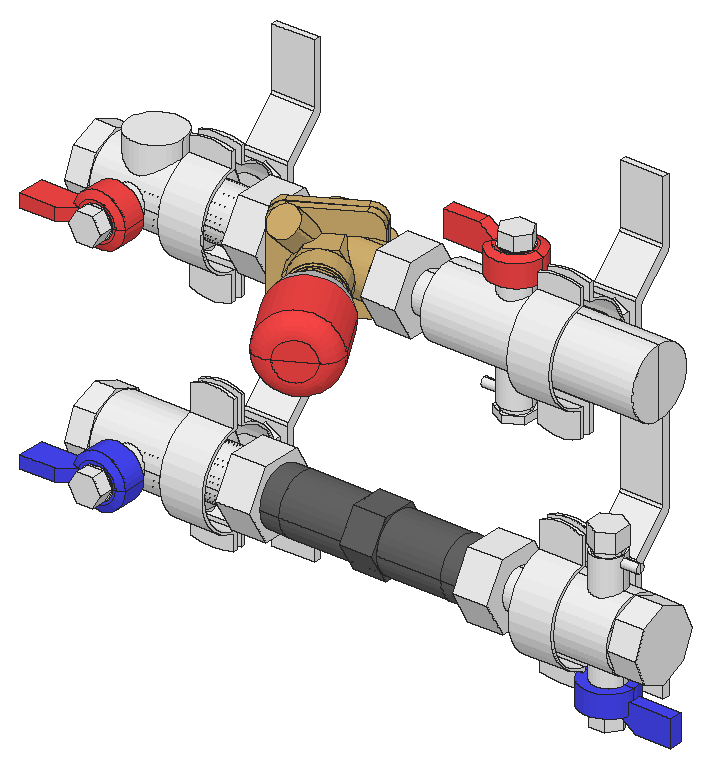
Revit family "AB-PM_DN15-20_Rack Set_RFA_1", category Pipe Accessories, Revit 2019
Family settings
  Round Connector Dimension = Use Diameter
  Part Type = Valve - Breaks Into
  OmniClass Number = 23.65.55.14.17
  OmniClass Title = Adjusting/Controlling Valves for Liquid Services
  Work Plane-Based = No
  Always vertical = No
  Cut with Voids When Loaded = No
  Shared = No
Parameters (values of type "AB-PM_DN15_Rack Set_003Z1490")
  temp = if(ID_01 = B_E, 0 = 1, 0 = 0)  # no
  l2 = 164 mm
  l1 = 57 mm
  h6 = 26 mm
  h5 = 153.529 mm
  h4 = 87.534 mm
  h3 = 66.95 mm
  h2 = 82.43 mm
  h14 = 24.3 mm
  h13 = 30 mm
  h12 = 34 mm
  h11 = 28.521 mm
  h1 = 115.57 mm
  Weight = 2.99 kg
  W = 89.981 mm
  Valve Body Material = Danfoss Brass (DZR)
  URL = "https://store.danfoss.com/en/Climate-Solutions-for-heating/Hydronic-Balancing-and-Control/Differential-Pressure-Control/Differential-Pressure-Controllers/AB-PM/c/11379?q=%3Arelevance%3Adanfoss_producttypehierarchydesc%3A5ca1ec32165693eab7b9a66f5b60ef1fc8cf0755&page=0&pageSize=20"
  T_S = Valve_R_T_Start : DN_15
  T_E = Valve_R_T_End : DN_15
  Stroke = "2.25 mm"  # constant formula
  Pressure Drop [instance] = 0.0 Pa
  Nominal Pressure = "PN 16"  # constant formula
  Nominal Flow (Text) = "300 l/h"
  Nominal Flow = 0.3 m³/h
  Model Type = "AB-PM_DN15_Rack Set"
  Model = "003Z1490"
  Min Medium Temperature = "-10 °C"  # constant formula
  Min Differential Pressure = "18 kPa"
  Max Pressure at Zero Load = "20 kPa"
  Max Medium Temperature = "120 °C"  # constant formula
  Max Differential Pressure = "400 kPa"  # constant formula
  Manufacturer = "Danfoss"  # constant formula
  LOD 350 = not(LOD 200)  # yes
  LOD 200 = no
  L = h4 + h5 + h6  # 267.063 mm
  IfcExportType = "AB-PM"  # constant formula
  IfcExportAs = "IfcValveType"  # constant formula
  ID_01 = Valve_R_B_End : DN_15
  H = 220 mm
  Flow [instance] = 0.0 m³/h
  Description = "Automatic Balancing Valve (Connection set)"  # constant formula
  DN = 20 mm
  D = DN  # 20 mm
  Body Material = Danfoss Nickel Plated Brass
  B_S = Valve_R_B_Start : DN_15
  B_E = Valve_R_B_End : DN_15
  AB-PM = AB-PM_DN10-DN32_External_RFA : AB-PM_DN15_External_003Z1402
Reference planes
  plane 1 "Center (Front/Back)": y = 0
  plane 2: z = 0
  plane 3 "Center (Left/Right)": x = 0
  plane 4 "wall": y = 48
  plane 5: x = 57
  plane 6: x = 221
  plane 7 "bottom_line": z = -110
  plane 8: x = 115.57
  plane 9: x = 198
  plane 10: x = 267.063
  plane 11 "h4": x = 87.534
  plane 12 "h5": x = 241.063
  plane 13: x = 264.95
Lines and regions (mm)
  reference lines
    curve 1: line (0, 0, 0) -> (264.95, 0, 0)
    curve 2: line (0, 0, -110) -> (267.063, 0, -110)
  model lines, detail levels coarse+medium
    curve 3: line (264.95, 0, 0) -> (224, 0, 0)
    curve 5: line (59.979, 0, -110) -> (207.063, 0, -110)
    curve 6: line (237.063, 0, -102.5) -> (237.063, 0, -24.3)
    curve 7: line (113.52, 0, -24.3) -> (237.063, 0, -24.3)
  model lines, visible <- "temp", detail levels coarse+medium
    curve 4: line (241.063, 0, -110) -> (267.063, 0, -110)
Dimensions and locks
  locked: plane 2 to plane 7 "bottom_line" at 110
  locked: plane 4 "wall" to plane 1 "Center (Front/Back)" at 48
  "l1": plane 5 to plane 3 "Center (Left/Right)"
  "l2": plane 6 to plane 5
  "h1": plane 8 to plane 3 "Center (Left/Right)"
  "h2": plane 9 to plane 8
  "h4": plane 11 "h4" to plane 3 "Center (Left/Right)"
  "h5": plane 12 "h5" to plane 11 "h4"
  "h3": plane 13 to plane 9
  "h11": plane 5 to nested 7
  "h11": plane 5 to nested 8
  "h12": plane 12 "h5" to curve 5
  "h13": plane 10 to curve 6
  "h14": plane 2 to curve 7
  "L": plane 10 to plane 3 "Center (Left/Right)"
  "W": nested 7 to plane 4 "wall"
  nested 1 to nested 1 = 220 mm
  aligned and locked: level to plane 2
  aligned and locked: nested 1 to plane 4 "wall"
  aligned and locked: plane 5 to nested 1
  aligned and locked: nested 2 to plane 4 "wall"
  aligned and locked: plane 6 to nested 2
  aligned and locked: plane 7 "bottom_line" to nested 1
  aligned and locked: plane 7 "bottom_line" to nested 2
  aligned and locked: nested 6 to plane 7 "bottom_line"
  aligned and locked: nested 6 to plane 1 "Center (Front/Back)"
  aligned and locked: plane 12 "h5" to nested 3
  aligned and locked: plane 9 to nested 4
  aligned and locked: plane 8 to nested 5
  aligned and locked: plane 3 "Center (Left/Right)" to curve 1
  aligned and locked: plane 3 "Center (Left/Right)" to curve 2
  aligned and locked: plane 10 to curve 2
  aligned and locked: plane 13 to curve 1
  aligned and locked: curve 1 to level
  aligned and locked: curve 2 to plane 7 "bottom_line"
  aligned and locked: nested 7 to plane 1 "Center (Front/Back)"
  aligned and locked: curve 3 to nested 4
  aligned and locked: plane 13 to curve 3
  aligned and locked: nested 4 to curve 3
  aligned and locked: curve 4 to nested 3
  aligned and locked: plane 10 to curve 4
  aligned and locked: nested 8 to curve 5  (x2)
  aligned and locked: curve 7 to nested 5
Automatic sketch dimensions
  curve 4 to plane 7 "bottom_line" = 0 mm
  plane 7 "bottom_line" to curve 6 = 7.5 mm
Nested families
  nested 1: "Fixing bracket" at (57, 48, -165), LOD 200 <- "LOD 200", Material <- "Body Material", type "Fixing bracket"
    with Material Danfoss Nickel Plated Brass, LOD 350 yes, LOD 200 no
  nested 2: "Fixing bracket" at (221, 48, -165), LOD 200 <- "LOD 200", Material <- "Body Material", type "Fixing bracket"
    with Material Danfoss Nickel Plated Brass, LOD 350 yes, LOD 200 no
  nested 3: "Valve_R_B_End" at (241.063, 0, -110) x (1, 0, 0) z (0, 1, 0), type <- "B_E", LOD 200 <- "LOD 200", Ball valve <- "Body Material", type "DN_15"
    with LOD 350 yes, LOD 200 no, Ball valve handle Danfoss Plastic Blue, Ball valve Danfoss Nickel Plated Brass
  nested 4: "Valve_R_T_End" at (198, 0, 0) x (1, 0, 0) z (0, -1, 0), LOD 200 <- "LOD 200", Ball valve <- "Body Material", type <- "T_E", type "DN_15"
    with LOD 350 yes, LOD 200 no, Ball valve handle Danfoss Plastic Red, Ball valve Danfoss Nickel Plated Brass, L11 18.3 mm
  nested 5: "AB-PM_DN10-DN32_External_RFA" at (115.57, 0, 0) x (1, 0, 0) z (0, -1, 0), type <- "AB-PM", LOD 200 <- "LOD 200", type "AB-PM_DN15_External_003Z1402"
    with ang2D 0.00°, Pressure Drop 0.0 Pa, LOD 350 yes, LOD 200 no, Flow 0.0 m³/h
  nested 6: "Replacement piece" at (87.534, 0, -110) x (0, 1, 0) z (1, 0, 0), LOD 200 <- "LOD 200", type "15"
    with LOD 350 yes, LOD 200 no
  nested 7: "Valve_R_T_Start" at (28.479, 0, 0) x (-1, 0, 0) z (0, 0, 1), LOD 200 <- "LOD 200", Ball valve <- "Body Material", type <- "T_S", type "DN_15"
    with LOD 350 yes, LOD 200 no, Ball valve handle Danfoss Plastic Red, Ball valve Danfoss Nickel Plated Brass
  nested 8: "Valve_R_B_Start" at (28.479, 0, -110) x (-1, 0, 0) z (0, 0, 1), LOD 200 <- "LOD 200", Ball valve <- "Body Material", type <- "B_S", type "DN_15"
    with LOD 350 yes, LOD 200 no, Ball valve handle Danfoss Plastic Blue, Ball valve Danfoss Nickel Plated Brass
Connectors
  piping at (0, 0, 0), diameter 20, driven by "Flow", driven by "D"
    settings: on curve 1, index 1, connector inside diameter 609.6 mm, connector length 0 mm, flow factor 0, pipe flow 0.0 m³/h, pressure drop 0.0 Pa, fitting loss kfactor 0, connector angle 0.00°, fixture units 0, engagement length 0 mm, angle of deflection 0.00°, flow configuration 0, flow direction 1, fitting loss method 0, system type 7, joint type 0, gender type 0, connector reference index 2, connector utility 0, adjustable connector no, is connector primary yes, connector description ""
  piping at (264.95, 0, 0), diameter 20, driven by "Flow", driven by "D"
    settings: on curve 1, index 2, connector inside diameter 609.6 mm, connector length 0 mm, flow factor 0, pipe flow 0.0 m³/h, pressure drop 0.0 Pa, fitting loss kfactor 0, connector angle 0.00°, fixture units 0, engagement length 0 mm, angle of deflection 0.00°, flow configuration 0, flow direction 2, fitting loss method 0, system type 7, joint type 0, gender type 0, connector reference index 1, connector utility 0, adjustable connector no, is connector primary no, connector description ""
  piping at (0, 0, -110), diameter 20, driven by "Flow", driven by "D"
    settings: on curve 2, index 3, connector inside diameter 609.6 mm, connector length 0 mm, flow factor 0, pipe flow 0.0 m³/h, pressure drop 0.0 Pa, fitting loss kfactor 0, connector angle 0.00°, fixture units 0, engagement length 0 mm, angle of deflection 0.00°, flow configuration 0, flow direction 2, fitting loss method 0, system type 8, joint type 0, gender type 0, connector reference index 4, connector utility 0, adjustable connector no, is connector primary no, connector description ""
  piping at (267.063, 0, -110), diameter 20, driven by "Flow", driven by "D"
    settings: on curve 2, index 4, connector inside diameter 609.6 mm, connector length 0 mm, flow factor 0, pipe flow 0.0 m³/h, pressure drop 0.0 Pa, fitting loss kfactor 0, connector angle 0.00°, fixture units 0, engagement length 0 mm, angle of deflection 0.00°, flow configuration 0, flow direction 1, fitting loss method 0, system type 8, joint type 0, gender type 0, connector reference index 3, connector utility 0, adjustable connector no, is connector primary no, connector description ""
Definition of nested family "Fixing bracket"
  Parameters (values of type "Fixing bracket")
    Material [instance] = none
    LOD 350 [instance] = not(LOD 200)  # no
    LOD 200 [instance] = yes
    B = 20 mm
  Reference planes
    plane 1 "Center (Front/Back)": y = 0
    plane 2: z = 0
    plane 3 "Center (Left/Right)": x = 0
    plane 4: y = -19
    plane 5: x = -10
    plane 6: x = 10
    plane 7: z = 220
    plane 8: z = 165
    plane 9: z = 55
  Forms (mm)
    Extrusion 1, solid, material <- "Material", detail levels fine
      sketch origin (0, 0, 0) x (0, 1, 0) y (0, 0, 1)
        loop
          arc (-3, 191.828) -> (-3.152, 191.063) -> (-3.586, 190.414) r 2
          line (-3.586, 190.414) -> (-18.414, 175.586)
          arc (-18.414, 175.586) -> (-18.848, 174.937) -> (-19, 174.172) r 2
          line (-19, 174.172) -> (-19, 155.828)
          arc (-19, 155.828) -> (-18.848, 155.063) -> (-18.414, 154.414) r 2
          line (-18.414, 154.414) -> (-3.586, 139.586)
          arc (-3.586, 139.586) -> (-3.152, 138.937) -> (-3, 138.172) r 2
          line (-3, 138.172) -> (-3, 81.828)
          arc (-3, 81.828) -> (-3.152, 81.063) -> (-3.586, 80.414) r 2
          line (-3.586, 80.414) -> (-18.414, 65.586)
          arc (-18.414, 65.586) -> (-18.848, 64.937) -> (-19, 64.172) r 2
          line (-19, 64.172) -> (-19, 45.828)
          arc (-19, 45.828) -> (-18.848, 45.063) -> (-18.414, 44.414) r 2
          line (-18.414, 44.414) -> (-3.586, 29.586)
          arc (-3.586, 29.586) -> (-3.152, 28.937) -> (-3, 28.172) r 2
          line (-3, 28.172) -> (-3, 0) -> (0, 0) -> (0, 31.172)
          arc (0, 31.172) -> (-0.152, 31.937) -> (-0.586, 32.586) r 2
          line (-0.586, 32.586) -> (-15.414, 47.414)
          arc (-15.414, 47.414) -> (-15.832, 48.027) -> (-15.998, 48.75) r 2
          line (-15.998, 48.75) -> (-15.998, 61.25)
          arc (-15.998, 61.25) -> (-15.832, 61.973) -> (-15.414, 62.586) r 2
          line (-15.414, 62.586) -> (-0.586, 77.414)
          arc (-0.586, 77.414) -> (-0.152, 78.063) -> (0, 78.828) r 2
          line (0, 78.828) -> (0, 141.172)
          arc (0, 141.172) -> (-0.152, 141.937) -> (-0.586, 142.586) r 2
          line (-0.586, 142.586) -> (-15.414, 157.414)
          arc (-15.414, 157.414) -> (-15.848, 158.063) -> (-16, 158.828) r 2
          line (-16, 158.828) -> (-16, 171.172)
          arc (-16, 171.172) -> (-15.848, 171.937) -> (-15.414, 172.586) r 2
          line (-15.414, 172.586) -> (-0.586, 187.414)
          arc (-0.586, 187.414) -> (-0.152, 188.063) -> (0, 188.828) r 2
          line (0, 188.828) -> (0, 220) -> (-3, 220) -> (-3, 191.828)
      from -10 to 10
    Extrusion 2, solid, material <- "Material", visible <- "LOD 350", detail levels fine
      sketch origin (0, 0, 0) x (0, 1, 0) y (0, 0, 1)
        loop
          line (-44.5, 77.142) -> (-44.5, 91.805) -> (-46, 91.805) -> (-46, 76.354)
          arc (-46, 76.354) -> (-27, 55) -> (-46, 33.646) r 21.5
          line (-46, 33.646) -> (-46, 23.989) -> (-44.5, 23.989) -> (-44.5, 32.858)
          arc (-44.5, 32.858) -> (-26, 55) -> (-44.5, 77.142) r 22.5
        loop
          arc (-50.5, 77.142) -> (-69, 55) -> (-50.5, 32.858) r 22.5
          line (-50.5, 32.858) -> (-50.5, 23.989) -> (-49, 23.989) -> (-49, 33.646)
          arc (-49, 33.646) -> (-68, 55) -> (-49, 76.354) r 21.5
          line (-49, 76.354) -> (-49, 91.805) -> (-50.5, 91.805) -> (-50.5, 77.142)
      from -10 to 10
    Extrusion 3, solid, material <- "Material", visible <- "LOD 350", detail levels fine
      sketch origin (0, 0, 110) x (0, 1, 0) y (0, 0, 1)
        loop
          line (-44.5, 77.142) -> (-44.5, 86.011) -> (-46, 86.011) -> (-46, 76.354)
          arc (-46, 76.354) -> (-27, 55) -> (-46, 33.646) r 21.5
          line (-46, 33.646) -> (-46, 15.893) -> (-44.5, 15.893) -> (-44.5, 32.858)
          arc (-44.5, 32.858) -> (-26, 55) -> (-44.5, 77.142) r 22.5
        loop
          arc (-51.5, 77.142) -> (-70, 55) -> (-51.5, 32.858) r 22.5
          line (-51.5, 32.858) -> (-51.5, 15.792) -> (-50, 15.792) -> (-50, 33.646)
          arc (-50, 33.646) -> (-69, 55) -> (-50, 76.354) r 21.5
          line (-50, 76.354) -> (-50, 86.011) -> (-51.5, 86.011) -> (-51.5, 77.142)
      from -10 to 10
    Extrusion 4, void
      sketch origin (0, 0, 0) x (1, 0, 0) y (0, 0, 1)
        loop
          line (-10, 220) -> (-10, 194.354)
          arc (-10, 194.354) -> (0, 196.011) -> (10, 194.354) r 31.011
          line (10, 194.354) -> (10, 220) -> (-10, 220)
        loop
          line (-10, 130.717) -> (-10, 89.271)
          arc (-10, 89.271) -> (0, 91.805) -> (10, 89.271) r 21
          line (10, 89.271) -> (10, 130.717)
          arc (10, 130.717) -> (0, 128.183) -> (-10, 130.717) r 21
        loop
          line (-10, 25.374) -> (-10, 0) -> (10, 0) -> (10, 25.374)
          arc (10, 25.374) -> (0, 23.989) -> (-10, 25.374) r 36.805
      from 19 to 73.336
    Extrusion 5, solid, material <- "Material", visible <- "LOD 200", detail levels fine
      sketch origin (0, 0, 0) x (0, 1, 0) y (0, 0, 1)
        loop
          arc (-47.5, 32.522) -> (-26, 55) -> (-47.5, 77.478) r 22.5
          arc (-47.5, 77.478) -> (-69, 55) -> (-47.5, 32.522) r 22.5
        loop
          arc (-48, 142.506) -> (-26, 165) -> (-48, 187.494) r 22.5
          arc (-48, 187.494) -> (-70, 165) -> (-48, 142.506) r 22.5
        loop
          arc (-47.5, 76.477) -> (-68, 55) -> (-47.5, 33.523) r 21.5
          arc (-47.5, 33.523) -> (-27, 55) -> (-47.5, 76.477) r 21.5
        loop
          arc (-48, 186.494) -> (-69, 165) -> (-48, 143.506) r 21.5
          arc (-48, 143.506) -> (-27, 165) -> (-48, 186.494) r 21.5
      from -10 to 10
  Cuts and joins
    Extrusion 4 cuts Extrusion 1
    Extrusion 4 cuts Extrusion 2
    Extrusion 4 cuts Extrusion 3
  Dimensions and locks
    equal spacing: plane 6, plane 3 "Center (Left/Right)", plane 5
    "B": plane 6 to plane 5
    aligned and locked: level to plane 2
    aligned and locked: Extrusion 1 to plane 5
    aligned and locked: plane 6 to Extrusion 1
    aligned and locked: Extrusion 3 to plane 5
    aligned and locked: plane 6 to Extrusion 3
    aligned and locked: Extrusion 2 to plane 5
    aligned and locked: plane 6 to Extrusion 2
    aligned and locked: Extrusion 5 to plane 5
    aligned and locked: plane 6 to Extrusion 5
  Automatic sketch dimensions
    Extrusion 1 sketch curve to plane 4 = 0 mm  (x2)
    Extrusion 1 sketch curve to level = 0 mm
    Extrusion 1 sketch curve to plane 7 = 0 mm
    Extrusion 1 sketch curve to plane 1 "Center (Front/Back)" = 0 mm  (x3)
    plane 4 to Extrusion 1 sketch curve = 0.586 mm  (x4)
    plane 4 to Extrusion 1 sketch curve = 2 mm  (x2)
    Extrusion 1 sketch curve to Extrusion 1 sketch curve = 1.414 mm  (x8)
    plane 4 to Extrusion 1 sketch curve = 3 mm
    plane 4 to Extrusion 1 sketch curve = 3.002 mm
    Extrusion 1 sketch curve to Extrusion 1 sketch curve = 0.584 mm  (x2)
    Extrusion 1 sketch curve to Extrusion 1 sketch curve = 0.586 mm  (x3)
    Extrusion 1 sketch curve to Extrusion 1 sketch curve = 2 mm  (x2)
    plane 1 "Center (Front/Back)" to Extrusion 1 sketch curve = 5 mm  (x4)
    plane 1 "Center (Front/Back)" to Extrusion 1 sketch curve = 3 mm  (x2)
    plane 1 "Center (Front/Back)" to Extrusion 1 sketch curve = 2 mm  (x4)
    plane 1 "Center (Front/Back)" to Extrusion 1 sketch curve = 0.586 mm  (x4)
    level to Extrusion 1 sketch curve = 28.172 mm
    Extrusion 1 sketch curve to Extrusion 1 sketch curve = 1.586 mm  (x8)
    Extrusion 1 sketch curve to Extrusion 1 sketch curve = 14.828 mm  (x4)
    Extrusion 1 sketch curve to Extrusion 1 sketch curve = 1.336 mm
    Extrusion 1 sketch curve to Extrusion 1 sketch curve = 12.343 mm  (x2)
    Extrusion 1 sketch curve to Extrusion 1 sketch curve = 0.078 mm
    Extrusion 1 sketch curve to Extrusion 1 sketch curve = 56.343 mm
    Extrusion 2 sketch curve to Extrusion 2 sketch curve = 0 mm  (x8)
    Extrusion 2 sketch curve to plane 4 = 31.5 mm  (x2)
    Extrusion 2 sketch curve to Extrusion 2 sketch curve = 1.5 mm  (x4)
    Extrusion 2 sketch curve to Extrusion 2 sketch curve = 0.5 mm
    Extrusion 2 sketch curve to Extrusion 2 sketch curve = 2 mm
    Extrusion 2 sketch curve to Extrusion 2 sketch curve = 3 mm  (x2)
    level to Extrusion 2 sketch curve = 23.989 mm
    Extrusion 2 sketch curve to Extrusion 2 sketch curve = 8.869 mm
    Extrusion 2 sketch curve to Extrusion 2 sketch curve = 0.787 mm  (x2)
    Extrusion 2 sketch curve to Extrusion 2 sketch curve = 21.354 mm
    Extrusion 2 sketch curve to Extrusion 2 sketch curve = 14.663 mm
    Extrusion 3 sketch curve to Extrusion 3 sketch curve = 0 mm  (x7)
    Extrusion 3 sketch curve to plane 4 = 32.5 mm  (x2)
    Extrusion 3 sketch curve to Extrusion 3 sketch curve = 1.5 mm  (x5)
    Extrusion 3 sketch curve to Extrusion 3 sketch curve = 1 mm
    Extrusion 3 sketch curve to Extrusion 3 sketch curve = 4 mm  (x2)
    Extrusion 3 sketch curve to plane 7 = 94.107 mm
    Extrusion 3 sketch curve to Extrusion 3 sketch curve = 0.101 mm
    Extrusion 3 sketch curve to Extrusion 3 sketch curve = 17.067 mm
    Extrusion 3 sketch curve to Extrusion 3 sketch curve = 0.787 mm  (x2)
    Extrusion 3 sketch curve to Extrusion 3 sketch curve = 21.354 mm
    Extrusion 3 sketch curve to Extrusion 3 sketch curve = 8.869 mm
    Extrusion 4 sketch curve to plane 5 = 0 mm  (x3)
    Extrusion 4 sketch curve to plane 3 "Center (Left/Right)" = 0 mm  (x2)
    Extrusion 4 sketch curve to plane 6 = 0 mm  (x3)
    plane 9 to Extrusion 4 sketch curve = 5.794 mm
    Extrusion 4 sketch curve to plane 8 = 15.817 mm
    plane 7 to Extrusion 4 sketch curve = 0 mm
    Extrusion 4 sketch curve to Extrusion 4 sketch curve = 0 mm  (x2)
    Extrusion 4 sketch curve to plane 8 = 34.283 mm
    plane 9 to Extrusion 4 sketch curve = 34.271 mm
    Extrusion 4 sketch curve to Extrusion 4 sketch curve = 10.011 mm
    Extrusion 4 sketch curve to plane 9 = 29.626 mm
    Extrusion 4 sketch curve to Extrusion 4 sketch curve = 15.817 mm
    plane 8 to Extrusion 4 sketch curve = 29.354 mm
    Extrusion 4 sketch curve to level = 0 mm
    Extrusion 5 sketch curve to plane 8 = 0 mm  (x2)
    Extrusion 5 sketch curve to plane 9 = 0 mm  (x2)
    Extrusion 5 sketch curve to plane 4 = 29.5 mm  (x2)
    Extrusion 5 sketch curve to Extrusion 5 sketch curve = 2 mm
    Extrusion 5 sketch curve to Extrusion 5 sketch curve = 1 mm  (x2)
    Extrusion 5 sketch curve to Extrusion 5 sketch curve = 0.5 mm  (x2)
    Extrusion 5 sketch curve to plane 9 = 22.478 mm
    Extrusion 5 sketch curve to plane 8 = 22.494 mm
    Extrusion 5 sketch curve to Extrusion 5 sketch curve = 0 mm  (x10)
    Extrusion 5 sketch curve to Extrusion 5 sketch curve = 1.001 mm
  Nested families
    nested 1: "Nut_6" at (0, -16, 165) x (0, 0, 1) z (0, 1, 0), Material <- "Material", type "Nut_6"
      with h 6 mm, a 10 mm, Material none
    nested 2: "Nut_6" at (0, -15.998, 54.961) x (0, 0, -1) z (0, 1, 0), Material <- "Material", type "Nut_6"
      with h 6 mm, a 10 mm, Material none
    nested 3: "Nut_6" at (0, -19, 55) x (0, 0, 1) z (0, -1, 0), Material <- "Material", type "Nut_6"
      with h 9 mm, a 13 mm, Material none
    nested 4: "Nut_6" at (0, -19, 165) x (0, 0, 1) z (0, -1, 0), Material <- "Material", type "Nut_6"
      with h 9 mm, a 13 mm, Material none
  Definition of nested family "Nut_6"
    Parameters (values of type "Nut_6")
      h [instance] = 250 mm
      a [instance] = 50 mm
      Material [instance] = none
      Default Elevation = 1219.2 mm
    Reference planes
      plane 1 "Center (Front/Back)": y = 0
      plane 2: z = 0
      plane 3 "Center (Left/Right)": x = 0
      plane 4: through (-70.437, 122, 1200) normal (0.866, 0.5, 0)
      plane 5: through (70.437, 122, 1200) normal (0.866, -0.5, 0)
      plane 6: through (70.437, 122, 1200) normal (0.866, -0.5, 0)
      plane 7: through (-70.437, 122, 1200) normal (0.866, 0.5, 0)
      plane 8: through (-70.437, 122, 1200) normal (0.866, 0.5, 0)
      plane 9: y = 0
    Forms (mm)
      Extrusion 1, solid, material <- "Material", detail levels fine
        sketch origin (0, 0, 0) x (1, 0, 0) y (0, 1, 0)
          loop
            line (-14.434, 25) -> (-28.868, 0) -> (14.434, -25) -> (28.868, 0) -> (-14.434, 25)
        from 0 to 250 <- "h"
      Extrusion 2, solid, material <- "Material", detail levels fine
        sketch origin (0, 0, 0) x (-1, 0, 0) y (0, -1, 0)
          loop
            line (-14.434, -25) -> (28.868, 0) -> (14.434, 25) -> (-28.868, 0) -> (-14.434, -25)
        from 0 to 250 <- "h"
      Extrusion 3, solid, material <- "Material", detail levels fine
        sketch origin (0, 0, 0) x (-0.5, -0.866025, 0) y (0.866025, -0.5, 0)
          loop
            line (-14.434, -25) -> (28.868, 0) -> (14.434, 25) -> (-28.868, 0) -> (-14.434, -25)
        from 0 to 250 <- "h"
    Cuts and joins
      joined: Extrusion 1, Extrusion 2, Extrusion 3
    Dimensions and locks
      equal spacing: Extrusion 1 sketch curve, plane 5, Extrusion 1 sketch curve
      "a": Extrusion 1 sketch curve to Extrusion 1 sketch curve
      equal spacing: Extrusion 2 sketch curve, plane 7, Extrusion 2 sketch curve
      "a": Extrusion 2 sketch curve to Extrusion 2 sketch curve
      equal spacing: Extrusion 3 sketch curve, plane 9, Extrusion 3 sketch curve
      "a": Extrusion 3 sketch curve to Extrusion 3 sketch curve
      locked: plane 3 "Center (Left/Right)" to plane 4 (angle 30.00°)
      locked: plane 5 to plane 3 "Center (Left/Right)" (angle 30.00°)
      locked: plane 3 "Center (Left/Right)" to plane 8 (angle 30.00°)
      locked: plane 3 "Center (Left/Right)" to plane 7 (angle 30.00°)
      locked: plane 6 to plane 3 "Center (Left/Right)" (angle 30.00°)
      aligned and locked: level to plane 2
      aligned and locked: plane 1 "Center (Front/Back)" to plane 9
    Automatic sketch dimensions
      plane 1 "Center (Front/Back)" to Extrusion 1 sketch curve = 0 mm
      Extrusion 1 sketch curve to plane 4 = 0 mm
      plane 1 "Center (Front/Back)" to Extrusion 2 sketch curve = 0 mm
      Extrusion 2 sketch curve to plane 6 = 0 mm
      plane 8 to Extrusion 3 sketch curve = 0 mm  (x2)
Definition of nested family "Valve_R_B_End"
  Parameters (values of type "DN_15")
    x = 4 mm
    r7 = 9.8 mm
    r6 = 12.5 mm
    r5 = 16.5 mm
    r4 = 9.3 mm
    r3 = 9 mm
    r2 = 12.5 mm
    r1 = 7.5 mm
    l6 = 15 mm
    l5 = 5 mm
    l4 = 12.2 mm
    l3 = 22.981 mm
    l2 = 10.45 mm
    l1 = 32 mm
    Valve_Handle_Type = Valve_Handle_R_B_End : 15
    Tube = no
    Nar5 = 14.5 mm
    Nah6 = 5 mm
    Nah52 = 16.08 mm
    Nah4 = 9 mm
    Nah3 = 6.8 mm
    Nah2 = 13.5 mm
    Nah51 = 2.5 mm
    Na6 = 28 mm
    Na5 = 31.6 mm
    Na4 = 14 mm
    Na3 = 13 mm
    Na2 = 30.488 mm
    LOD 350 [instance] = not(LOD 200)  # yes
    LOD 200 [instance] = no
    L11 = 24.5 mm
    L1 = 60 mm
    H1 = 26.4 mm
    Default Elevation = 1219.2 mm
    D1 = 15 mm  # constant formula
    Ball valve handle [instance] = none
    Ball valve [instance] = none
  Types (2, lengths in mm): name | x | r4 | l6 | l5 | l3 | l2 | l1 | Valve_Handle_Type | Tube | Nar5 | Nah52 | Nah3 | Nah51 | Na6 | Na5 | L11 | L1 | H1
    DN_15 | 4 | 9.3 | 15 | 5 | 22.981 | 10.45 | 32 | Valve_Handle_R_B_End : 15 | no | 14.5 | 16.08 | 6.8 | 2.5 | 28 | 31.6 | 24.5 | 60 | 26.4
    DN_20 | 1.5 | 12.7 | 5 | 14.8 | 23 | 10.5 | 31.8 | Valve_Handle_R_B_End : 20 | yes | 18 | 16.1 | 6 | 3 | 31.7 | 31.7 | 29.4 | 55 | 34.6
  Reference planes
    plane 1 "Center (Front/Back)": y = 0
    plane 2: z = 0
    plane 3 "Center (Left/Right)": x = 0
    plane 4 "001": x = 12.5
    plane 5 "004": x = -42.45
    plane 6 "002": y = -42.3
    plane 7 "valve handle": y = 22.981
    plane 8 "003": y = 35.181
    plane 9 "005": x = -32
    plane 10 "006": x = 12.5
  Forms (mm)
    Revolve 1, solid, material <- "Ball valve", visible <- "LOD 350", detail levels fine
      sketch origin (0, 0, 0) x (1, 0, 0) y (0, 1, 0)
        loop
          line (0, 35.181) -> (0, -33.3) -> (6.5, -33.3) -> (6.5, -31.3) -> (7.5, -31.3) -> (7.5, 35.181) -> (0, 35.181)
        axis (0, -33.3) -> (0, 35.181)
      angle from 0 to 360
    Revolve 2, solid, material <- "Ball valve", visible <- "LOD 200", detail levels fine
      sketch origin (0, 0, 0) x (1, 0, 0) y (0, 1, 0)
        loop
          line (-42.45, 9.3) -> (-42.45, 0) -> (12.5, 0) -> (12.5, 16.5) -> (-32, 16.5) -> (-32, 9.3) -> (-42.45, 9.3)
        axis (-42.45, 0) -> (12.5, 0)
      angle from 0 to 360
    Revolve 3, solid, material <- "Ball valve", visible <- "LOD 200", detail levels fine
      sketch origin (0, 0, 0) x (1, 0, 0) y (0, 1, 0)
        loop
          line (0, -42.3) -> (7.5, -42.3) -> (7.5, 35.181) -> (0, 35.181) -> (0, -42.3)
        axis (0, 35.181) -> (0, -42.3)
      angle from 0 to 360
    Revolve 4, solid, material <- "Ball valve", visible <- "LOD 350", detail levels fine
      sketch origin (0, 0, 0) x (1, 0, 0) y (0, 1, 0)
        loop
          line (12.5, 16.5) -> (-32, 16.5) -> (-33.8, 9.3) -> (-42.45, 9.3) -> (-42.45, 0) -> (12.5, 0) -> (12.5, 16.5)
        axis (12.5, 0) -> (-42.45, 0)
      angle from 0 to 360
    Revolve 5, solid, material <- "Ball valve", visible <- "LOD 350", detail levels fine
      sketch origin (0, 0, 0) x (1, 0, 0) y (0, 1, 0)
        loop
          line (15, -28.302) -> (15, -26.3) -> (0, -26.3) -> (0, -28.302) -> (15, -28.302)
        axis (0, -28.302) -> (15, -28.302)
      angle from 0 to 360
    Revolve 6, solid, material <- "Ball valve", visible <- "LOD 350", detail levels fine
      sketch origin (0, 0, 0) x (-1, 0, 0) y (0, 1, 0)
        loop
          line (5, -28.302) -> (5, -26.3) -> (0, -26.3) -> (0, -28.302) -> (5, -28.302)
        axis (0, -28.302) -> (5, -28.302)
      angle from 0 to 360
    Revolve 7, solid, material <- "Ball valve", visible <- "Tube", detail levels fine
      sketch origin (0, 0, 0) x (1, 0, 0) y (0, 1, 0)
        loop
          line (46, 0) -> (46, 16.5) -> (26, 16.5) -> (26, 0) -> (46, 0)
        axis (26, 0) -> (46, 0)
      angle from 0 to 360
  Cuts and joins
    joined: Revolve 1, Revolve 4, Revolve 5, Revolve 6
    joined: Revolve 2, Revolve 3
  Dimensions and locks
    "r1": plane 3 "Center (Left/Right)" to Revolve 1 sketch curve
    "l3": plane 1 "Center (Front/Back)" to plane 7 "valve handle"
    locked: plane 6 "002" to Revolve 1 sketch curve at 9
    locked: Revolve 1 sketch curve to Revolve 1 sketch curve at 1
    "l4": plane 7 "valve handle" to plane 8 "003"
    "r5": plane 1 "Center (Front/Back)" to Revolve 2 sketch curve
    "r4": plane 1 "Center (Front/Back)" to Revolve 2 sketch curve
    "r2": plane 3 "Center (Left/Right)" to plane 4 "001"
    "l1": plane 9 "005" to plane 3 "Center (Left/Right)"
    "r5": plane 1 "Center (Front/Back)" to Revolve 4 sketch curve
    "r4": Revolve 4 sketch curve to plane 1 "Center (Front/Back)"
    "l2": plane 5 "004" to plane 9 "005"
    "r6": plane 3 "Center (Left/Right)" to plane 10 "006"
    "r1": plane 3 "Center (Left/Right)" to Revolve 3 sketch curve
    "l6": plane 3 "Center (Left/Right)" to Revolve 5 sketch curve
    plane 6 "002" to Revolve 5 sketch curve to Revolve 5 sketch curve = 13.998 mm, 2.002 mm locked
    "x": nested 5 to plane 3 "Center (Left/Right)"
    locked: Revolve 4 sketch curve to plane 9 "005" at 1.8
    plane 6 "002" to plane 1 "Center (Front/Back)" = 42.3 mm
    locked: Revolve 1 sketch curve to Revolve 1 sketch curve at 2
    locked: Revolve 6 sketch curve to Revolve 6 sketch curve at 2.002
    locked: plane 6 "002" to Revolve 6 sketch curve at 13.998  (x2)
    "l5": Revolve 6 sketch curve to plane 3 "Center (Left/Right)"
    plane 3 "Center (Left/Right)" to Revolve 7 sketch curve to Revolve 7 sketch curve = 26 mm locked, 20 mm locked
    locked: plane 1 "Center (Front/Back)" to Revolve 7 sketch curve at 16.5
    aligned and locked: level to plane 2
    aligned and locked: level to nested 1
    aligned and locked: nested 1 to plane 1 "Center (Front/Back)"
    aligned and locked: plane 3 "Center (Left/Right)" to nested 3
    aligned and locked: level to nested 3
    aligned and locked: plane 6 "002" to nested 2
    aligned and locked: Revolve 3 sketch curve to plane 3 "Center (Left/Right)"  (x2)
    aligned and locked: plane 6 "002" to Revolve 3 sketch curve
    aligned and locked: Revolve 3 sketch curve to plane 8 "003"
    aligned and locked: Revolve 4 sketch curve to plane 1 "Center (Front/Back)"
    aligned and locked: plane 1 "Center (Front/Back)" to Revolve 4 sketch curve
    aligned and locked: Revolve 4 sketch curve to plane 4 "001"
    aligned and locked: plane 5 "004" to Revolve 4 sketch curve
    aligned and locked: plane 3 "Center (Left/Right)" to Revolve 5 sketch curve
    aligned and locked: plane 1 "Center (Front/Back)" to nested 5
    aligned and locked: nested 4 to plane 5 "004"
    aligned and locked: plane 1 "Center (Front/Back)" to nested 4
    aligned and locked: plane 9 "005" to Revolve 4 sketch curve
    aligned and locked: plane 3 "Center (Left/Right)" to nested 2
    aligned and locked: plane 3 "Center (Left/Right)" to nested 6
    aligned and locked: nested 6 to plane 7 "valve handle"
    aligned and locked: plane 1 "Center (Front/Back)" to Revolve 7 sketch curve
    aligned and locked: Revolve 7 sketch curve to plane 1 "Center (Front/Back)"
  Automatic sketch dimensions
    Revolve 7 sketch curve to Revolve 7 sketch curve = 11.5 mm
    Revolve 7 sketch curve to Revolve 7 sketch curve = 5 mm
    Revolve 1 sketch curve to plane 3 "Center (Left/Right)" = 0 mm  (x2)
    plane 8 "003" to Revolve 1 sketch curve = 0 mm
    Revolve 1 sketch curve to plane 8 "003" = 37.3 mm
    Revolve 1 sketch curve to Revolve 1 sketch curve = 9 mm
    Revolve 2 sketch curve to plane 5 "004" = 0 mm
    Revolve 2 sketch curve to plane 9 "005" = 0 mm
    Revolve 2 sketch curve to plane 4 "001" = 0 mm
    plane 1 "Center (Front/Back)" to Revolve 2 sketch curve = 0 mm  (x2)
    Revolve 2 sketch curve to plane 4 "001" = 49.8 mm
    Revolve 2 sketch curve to Revolve 2 sketch curve = 7 mm
    Revolve 3 sketch curve to plane 8 "003" = 33 mm
    Revolve 3 sketch curve to Revolve 3 sketch curve = 6 mm
    Revolve 4 sketch curve to plane 4 "001" = 63.8 mm
    Revolve 4 sketch curve to Revolve 4 sketch curve = 6 mm
    Revolve 5 sketch curve to Revolve 5 sketch curve = 0 mm  (x2)
    Revolve 5 sketch curve to Revolve 5 sketch curve = 3.5 mm
    Revolve 6 sketch curve to plane 3 "Center (Left/Right)" = 0 mm
    Revolve 6 sketch curve to Revolve 6 sketch curve = 0.2 mm
    Revolve 6 sketch curve to Revolve 6 sketch curve = 3.5 mm
  Nested families
    nested 1: "Nut_8" at (12.5, 0, 0) x (0, 0, 1) z (1, 0, 0), h <- "Nah2", a <- "Na2", Material <- "Ball valve", type "Nut_8", detail levels fine
      with h 13.5 mm, a 30.488 mm, Material none
    nested 2: "Nut_6" at (0, -42.3, 0) x (0, 0, -1) z (0, 1, 0), h <- "Nah4", a <- "Na4", visible <- "LOD 350", Material <- "Ball valve", type "Nut_6", detail levels fine
      with h 9 mm, a 14 mm, Material none
    nested 3: "Nut_6" at (0, 35.181, 0) x (1, 0, 0) z (0, 1, 0), h <- "Nah3", a <- "Na3", Material <- "Ball valve", type "Nut_6", detail levels fine
      with h 6.8 mm, a 13 mm, Material none
    nested 4: "Nut_6" at (-42.45, 0, 0) x (0, 0, 1) z (-1, 0, 0), h <- "Nah52", a <- "Na5", Material <- "Ball valve", type "Nut_6", detail levels fine
      with h 16.08 mm, a 31.6 mm, Material none
    nested 5: "Schematic_Valve" at (-4, 0, 0), D <- "D1", H <- "H1", L <- "L1", L1 <- "L11", type "Schematic_Valve"
      with L1 24.5 mm, L 60 mm, H 26.4 mm, D 15 mm
    nested 6: "Valve_Handle_R_B_End" at (0, 22.981, 0) x (-1, 0, 0) z (0, 1, 0), Material <- "Ball valve handle", type <- "Valve_Handle_Type", LOD 200 <- "LOD 200", type "15"
      with Material none, LOD 350 yes, LOD 200 no, 25_350 no, 25_200 no, 20_350 no, 20_200 no, 15_350 yes, 15_200 no
  Definition of nested family "Nut_8"
    Parameters (values of type "Nut_8")
      h [instance] = 250 mm
      a [instance] = 244 mm
      Material [instance] = none
      Default Elevation = 1219.2 mm
    Reference planes
      plane 1 "Center (Front/Back)": y = 0
      plane 2: z = 0
      plane 3 "Center (Left/Right)": x = 0
      plane 4: through (-89.449, 215.949, 1200) normal (0.9239, 0.3827, 0)
      plane 5: through (215.949, 89.449, 1200) normal (0.3827, -0.9239, 0)
      plane 6: through (-215.949, 89.449, 1200) normal (0.3827, 0.9239, 0)
      plane 7: through (89.449, 215.949, 1200) normal (0.9239, -0.3827, 0)
    Forms (mm)
      Extrusion 1, solid, material <- "Material"
        sketch origin (0, 0, 0) x (1, 0, 0) y (0, 1, 0)
          loop
            line (0, 132.052) -> (-93.375, 93.375) -> (-132.052, 0) -> (-93.375, -93.375) -> (0, -132.052) -> (93.375, -93.375) -> (132.052, 0) -> (93.375, 93.375) -> (0, 132.052)
        from 0 to 250 <- "h"
    Dimensions and locks
      equal spacing: Extrusion 1 sketch curve, plane 4, Extrusion 1 sketch curve
      "a": Extrusion 1 sketch curve to Extrusion 1 sketch curve  (x4)
      equal spacing: Extrusion 1 sketch curve, plane 7, Extrusion 1 sketch curve
      equal spacing: Extrusion 1 sketch curve, plane 5, Extrusion 1 sketch curve
      equal spacing: Extrusion 1 sketch curve, plane 6, Extrusion 1 sketch curve
      aligned and locked: level to plane 2
  Definition of nested family "Nut_6"
    Parameters (values of type "Nut_6")
      h [instance] = 250 mm
      a [instance] = 13 mm
      Material [instance] = none
      Default Elevation = 1219.2 mm
    Reference planes
      plane 1 "Center (Front/Back)": y = 0
      plane 2: z = 0
      plane 3 "Center (Left/Right)": x = 0
      plane 4: through (-70.437, 122, 1200) normal (0.866, 0.5, 0)
      plane 5: through (70.437, 122, 1200) normal (0.866, -0.5, 0)
    Forms (mm)
      Extrusion 1, solid, material <- "Material"
        sketch origin (0, 0, 0) x (1, 0, 0) y (0, 1, 0)
          loop
            line (-3.753, 6.5) -> (-7.506, 0) -> (-3.753, -6.5) -> (3.753, -6.5) -> (7.506, 0) -> (3.753, 6.5) -> (-3.753, 6.5)
        from 0 to 250 <- "h"
    Dimensions and locks
      equal spacing: Extrusion 1 sketch curve, plane 4, Extrusion 1 sketch curve
      "a": Extrusion 1 sketch curve to Extrusion 1 sketch curve  (x3)
      equal spacing: Extrusion 1 sketch curve, plane 5, Extrusion 1 sketch curve
      equal spacing: Extrusion 1 sketch curve, plane 1 "Center (Front/Back)", Extrusion 1 sketch curve
      aligned and locked: level to plane 2
  Definition of nested family "Valve_Handle_R_B_End"
    Parameters (values of type "20")
      type = 20
      l1 = 12.3 mm
      h1 = 12.2 mm
      Material [instance] = none
      LOD 350 [instance] = not(LOD 200)  # yes
      LOD 200 [instance] = no
      Default Elevation = 1219.2 mm
      25_350 [instance] = and(LOD 350, type = 25)  # no
      25_200 [instance] = and(LOD 200, type = 25)  # no
      20_350 [instance] = and(LOD 350, type = 20)  # yes
      20_200 [instance] = and(LOD 200, type = 20)  # no
      15_350 [instance] = and(LOD 350, type = 15)  # no
      15_200 [instance] = and(LOD 200, type = 15)  # no
    Types (2, lengths in mm): name | type | 20_350 | 15_350
      15 | 15 | no | yes
      20 | 20 | yes | no
    Reference planes
      plane 1 "Center (Front/Back)": y = 0
      plane 2: z = 0
      plane 3 "Center (Left/Right)": x = 0
    Forms (mm)
      Revolve 1, solid, material <- "Material", visible <- "LOD 200", detail levels fine
        sketch origin (0, 0, 0) x (1, 0, 0) y (0, 0, 1)
          loop
            line (0, 12.2) -> (-12.3, 12.2) -> (-12.3, 0) -> (0, 0) -> (0, 12.2)
          axis (0, 0) -> (0, 12.2)
        angle from 0 to 360
      Revolve 2, solid, material <- "Material", visible <- "LOD 350", detail levels fine
        sketch origin (0, 0, 0) x (1, 0, 0) y (0, 0, 1)
          loop
            line (0, 12.2) -> (-8.961, 12.2) -> (-12.3, 10.362) -> (-12.3, 0) -> (0, 0) -> (0, 12.2)
          axis (0, 0) -> (0, 12.2)
        angle from 0 to 360
      Extrusion 3, solid, material <- "Material", visible <- "20_200", detail levels fine
        sketch origin (0, 0, 0) x (1, 0, 0) y (0, 0, 1)
          loop
            line (0, 4.5) -> (31.819, 4.5) -> (31.819, 17) -> (12.3, 12.2) -> (0, 12.2) -> (0, 4.5)
        from -3 to 3
      Extrusion 4, solid, material <- "Material", visible <- "15_200", detail levels fine
        sketch origin (0, 0, 0) x (1, 0, 0) y (0, 0, 1)
          loop
            line (-31.976, 4.5) -> (0, 4.5) -> (0, 12.2) -> (-12.877, 12.2) -> (-31.976, 16.987) -> (-31.976, 4.5)
        from -3 to 3
      Extrusion 5, solid, material <- "Material", visible <- "20_350", detail levels fine
        sketch origin (0, 0, 0) x (1, 0, 0) y (0, 0, 1)
          loop
            line (0, 4.5) -> (31.819, 4.5) -> (31.819, 17) -> (15.397, 17) -> (8.197, 12.2) -> (0, 12.2) -> (0, 4.5)
        from -3 to 3
      Extrusion 6, solid, material <- "Material", visible <- "15_350", detail levels fine
        sketch origin (0, 0, 0) x (1, 0, 0) y (0, 0, 1)
          loop
            line (-31.976, 4.5) -> (0, 4.5) -> (0, 12.2) -> (-8.385, 12.2) -> (-15.566, 16.987) -> (-31.976, 16.987) -> (-31.976, 4.5)
        from -3 to 3
    Dimensions and locks
      "l1": plane 3 "Center (Left/Right)" to Revolve 1 sketch curve
      "h1": Revolve 1 sketch curve to level
      "l1": plane 3 "Center (Left/Right)" to Revolve 2 sketch curve
      "h1": Revolve 2 sketch curve to level
      aligned and locked: level to plane 2
      aligned and locked: plane 3 "Center (Left/Right)" to Revolve 1 sketch curve
      aligned and locked: Revolve 1 sketch curve to plane 3 "Center (Left/Right)"
      aligned and locked: Revolve 1 sketch curve to level
    Automatic sketch dimensions
      level to Extrusion 6 sketch curve = 12.2 mm
      Extrusion 6 sketch curve to plane 3 "Center (Left/Right)" = 0 mm
      Extrusion 6 sketch curve to plane 3 "Center (Left/Right)" = 8.385 mm
      Extrusion 6 sketch curve to Extrusion 6 sketch curve = 7.181 mm
      level to Extrusion 6 sketch curve = 4.5 mm
      Extrusion 6 sketch curve to Extrusion 6 sketch curve = 16.41 mm
      Extrusion 6 sketch curve to Extrusion 6 sketch curve = 4.787 mm
      Extrusion 4 sketch curve to plane 3 "Center (Left/Right)" = 0 mm
      level to Extrusion 4 sketch curve = 4.5 mm
      Extrusion 4 sketch curve to Extrusion 4 sketch curve = 7.7 mm
      Extrusion 4 sketch curve to plane 3 "Center (Left/Right)" = 12.877 mm
      Extrusion 4 sketch curve to Extrusion 4 sketch curve = 19.099 mm
      Extrusion 4 sketch curve to Extrusion 4 sketch curve = 12.487 mm
      Extrusion 5 sketch curve to plane 3 "Center (Left/Right)" = 0 mm
      Extrusion 5 sketch curve to Extrusion 5 sketch curve = 7.7 mm
      plane 3 "Center (Left/Right)" to Extrusion 5 sketch curve = 8.197 mm
      Extrusion 5 sketch curve to Extrusion 5 sketch curve = 7.2 mm
      Extrusion 5 sketch curve to Extrusion 5 sketch curve = 16.422 mm
      level to Extrusion 5 sketch curve = 4.5 mm
      Extrusion 5 sketch curve to Extrusion 5 sketch curve = 12.5 mm
      plane 3 "Center (Left/Right)" to Extrusion 3 sketch curve = 12.3 mm
      Extrusion 3 sketch curve to Extrusion 3 sketch curve = 19.519 mm
      Extrusion 3 sketch curve to Extrusion 3 sketch curve = 12.5 mm
      level to Extrusion 3 sketch curve = 4.5 mm
      Extrusion 3 sketch curve to plane 3 "Center (Left/Right)" = 0 mm
      Extrusion 3 sketch curve to Extrusion 3 sketch curve = 7.7 mm
      Revolve 1 sketch curve to Revolve 1 sketch curve = 17.8 mm
      Revolve 1 sketch curve to Revolve 1 sketch curve = 4 mm
      Revolve 2 sketch curve to level = 0 mm
      Revolve 2 sketch curve to plane 3 "Center (Left/Right)" = 0 mm  (x2)
      Revolve 2 sketch curve to Revolve 2 sketch curve = 3.339 mm
      Revolve 2 sketch curve to Revolve 2 sketch curve = 1.838 mm
      Revolve 2 sketch curve to Revolve 2 sketch curve = 17.8 mm
      Revolve 2 sketch curve to Revolve 2 sketch curve = 4 mm
  Definition of nested family "Schematic_Valve"
    Parameters (values of type "Schematic_Valve")
      L1 [instance] = 10 mm
      L [instance] = 68 mm
      H [instance] = 40 mm
      D [instance] = 16 mm
    Reference planes
      plane 1 "Center (Front/Back)": y = 0
      plane 2: z = 0
      plane 3 "Center (Left/Right)": x = 0
      plane 4: x = -34
      plane 5: x = 34
      plane 6: y = 20
      plane 7: y = -20
      plane 8: z = 20
      plane 9: z = -20
    Lines and regions (mm)
      model lines, detail levels coarse+medium
        curve 1: circle (0, 0, 0) r 8 normal (0, 0, 1)
        curve 4: line (-34, -20, 0) -> (-34, 20, 0)
        curve 5: line (-34, 20, 0) -> (-6.895, 4.056, 0)
        curve 6: line (-34, -20, 0) -> (-6.895, -4.056, 0)
        curve 7: line (6.895, 4.056, 0) -> (34, 20, 0)
        curve 8: line (34, 20, 0) -> (34, -20, 0)
        curve 9: line (34, -20, 0) -> (6.895, -4.056, 0)
        curve 10: line (-34, 0, 0) -> (-44, 0, 0)
      reference lines
        curve 2: line (-34, 20, 0) -> (34, -20, 0)
        curve 3: line (34, 20, 0) -> (-34, -20, 0)
        curve 11: line (-34, 0, 20) -> (34, 0, -20)
        curve 12: line (34, 0, 20) -> (-34, 0, -20)
    Dimensions and locks
      equal spacing: plane 4, plane 3 "Center (Left/Right)", plane 5
      equal spacing: plane 6, plane 1 "Center (Front/Back)", plane 7
      "L": plane 4 to plane 5
      "H": plane 6 to plane 7
      "L1": curve 10 to plane 4
      equal spacing: plane 8, level, plane 9
      "H": plane 8 to plane 9
      "D": diameter of curve 1
      aligned and locked: level to plane 2
      aligned and locked: plane 4 to curve 2
      aligned and locked: plane 6 to curve 2
      aligned and locked: plane 5 to curve 3
      aligned and locked: plane 6 to curve 3
      aligned and locked: plane 7 to curve 2
      aligned and locked: plane 5 to curve 2
      aligned and locked: plane 4 to curve 3
      aligned and locked: plane 7 to curve 3
      aligned and locked: curve 5 to curve 2
      aligned and locked: curve 6 to curve 3
      aligned and locked: curve 9 to curve 2
      aligned and locked: curve 7 to curve 3
      aligned and locked: curve 10 to plane 1 "Center (Front/Back)"
      aligned and locked: plane 8 to curve 11
      aligned and locked: plane 4 to curve 11
      aligned and locked: plane 5 to curve 11
      aligned and locked: plane 9 to curve 11
      aligned and locked: plane 4 to curve 12
      aligned and locked: plane 9 to curve 12
      aligned and locked: plane 5 to curve 12
      aligned and locked: plane 8 to curve 12
    Automatic sketch dimensions
      curve 4 to plane 4 = 0 mm
      plane 1 "Center (Front/Back)" to curve 1 = 0 mm
      curve 1 to plane 3 "Center (Left/Right)" = 0 mm
      curve 9 to plane 5 = 0 mm
Definition of nested family "Valve_R_T_End"
  Parameters (values of type "DN_20")
    x = 1.5 mm
    r7 = 9.8 mm
    r6 = 12.5 mm
    r5 = 16.5 mm
    r4 = 12.7 mm
    r3 = 9 mm
    r2 = 12.5 mm
    r1 = 7.5 mm
    l6 = 5 mm
    l5 = 14.8 mm
    l4 = 12.2 mm
    l3 = 23 mm
    l2 = 11.8 mm
    l1 = 31.8 mm
    Valve_Handle_Type = Valve_Handle_R_B_End : 20
    Tube = yes
    Nar5 = 18 mm
    Nah6 = 5 mm
    Nah52 = 16.1 mm
    Nah4 = 3.5 mm
    Nah3 = 6 mm
    Nah2 = 13.5 mm
    Nah51 = 3 mm
    Na6 = 31.7 mm
    Na5 = 38 mm
    Na4 = 15 mm
    Na3 = 13 mm
    Na2 = 30.488 mm
    LOD 350 [instance] = not(LOD 200)  # yes
    LOD 200 [instance] = no
    L11 = 6.9 mm
    L1 = 55 mm
    H1 = 34.6 mm
    Default Elevation = 1219.2 mm
    D1 = 15 mm  # constant formula
    Ball valve handle [instance] = none
    Ball valve [instance] = none
  Types (2, lengths in mm): name | x | r4 | l5 | l3 | l2 | l1 | Nar5 | Nah52 | Nah3 | Nah51 | Na6 | Na5 | L11 | L1 | H1
    DN_15 | 4 | 9.2 | 15 | 22.981 | 10.5 | 32 | 14.5 | 16 | 6.8 | 2.5 | 28 | 31.7 | 4.6 | 60 | 26.4
    DN_20 | 1.5 | 12.7 | 14.8 | 23 | 11.8 | 31.8 | 18 | 16.1 | 6 | 3 | 31.7 | 38 | 6.9 | 55 | 34.6
  Reference planes
    plane 1 "Center (Front/Back)": y = 0
    plane 2: z = 0
    plane 3 "Center (Left/Right)": x = 0
    plane 4 "001": x = 12.5
    plane 5 "004": x = -43.6
    plane 6 "002": y = -36.8
    plane 7 "valve handle": y = 23
    plane 8 "003": y = 35.2
    plane 9 "005": x = -31.8
    plane 10 "006": x = 12.5
  Forms (mm)
    Revolve 1, solid, material <- "Ball valve", visible <- "LOD 350", detail levels fine
      sketch origin (0, 0, 0) x (1, 0, 0) y (0, 1, 0)
        loop
          line (0, 35.2) -> (0, -33.3) -> (6.5, -33.3) -> (6.5, -31.3) -> (7.5, -31.3) -> (7.5, 35.2) -> (0, 35.2)
        axis (0, -33.3) -> (0, 35.2)
      angle from 0 to 360
    Revolve 2, solid, material <- "Ball valve", visible <- "LOD 200", detail levels fine
      sketch origin (0, 0, 0) x (1, 0, 0) y (0, 1, 0)
        loop
          line (-43.6, 12.7) -> (-43.6, 0) -> (12.5, 0) -> (12.5, 16.5) -> (-31.8, 16.5) -> (-31.8, 12.7) -> (-43.6, 12.7)
        axis (-43.6, 0) -> (12.5, 0)
      angle from 0 to 360
    Revolve 3, solid, material <- "Ball valve", visible <- "LOD 200", detail levels fine
      sketch origin (0, 0, 0) x (1, 0, 0) y (0, 1, 0)
        loop
          line (0, -36.8) -> (7.5, -36.8) -> (7.5, 35.2) -> (0, 35.2) -> (0, -36.8)
        axis (0, 35.2) -> (0, -36.8)
      angle from 0 to 360
    Revolve 4, solid, material <- "Ball valve", visible <- "LOD 350", detail levels fine
      sketch origin (0, 0, 0) x (1, 0, 0) y (0, 1, 0)
        loop
          line (12.5, 16.5) -> (-31.8, 16.5) -> (-33.6, 12.7) -> (-43.6, 12.7) -> (-43.6, 0) -> (12.5, 0) -> (12.5, 16.5)
        axis (12.5, 0) -> (-43.6, 0)
      angle from 0 to 360
    Revolve 5, solid, material <- "Ball valve", visible <- "LOD 350", detail levels fine
      sketch origin (0, 0, 0) x (1, 0, 0) y (0, 1, 0)
        loop
          line (5, -22.802) -> (5, -20.8) -> (0, -20.8) -> (0, -22.802) -> (5, -22.802)
        axis (0, -22.802) -> (5, -22.802)
      angle from 0 to 360
    Revolve 6, solid, material <- "Ball valve", visible <- "LOD 350", detail levels fine
      sketch origin (0, 0, 0) x (-1, 0, 0) y (0, 1, 0)
        loop
          line (14.8, -28.302) -> (14.8, -26.3) -> (0, -26.3) -> (0, -28.302) -> (14.8, -28.302)
        axis (0, -28.302) -> (14.8, -28.302)
      angle from 0 to 360
    Revolve 7, solid, material <- "Ball valve", visible <- "Tube", detail levels fine
      sketch origin (0, 0, 0) x (1, 0, 0) y (0, 1, 0)
        loop
          line (66.95, 0) -> (66.95, 15.906) -> (26, 15.906) -> (26, 0) -> (66.95, 0)
        axis (26, 0) -> (66.95, 0)
      angle from 0 to 360
  Cuts and joins
    joined: Revolve 1, Revolve 4, Revolve 5, Revolve 6
    joined: Revolve 2, Revolve 3
  Dimensions and locks
    "r1": plane 3 "Center (Left/Right)" to Revolve 1 sketch curve
    "l3": plane 1 "Center (Front/Back)" to plane 7 "valve handle"
    locked: plane 6 "002" to Revolve 1 sketch curve at 3.5
    locked: Revolve 1 sketch curve to Revolve 1 sketch curve at 1
    "l4": plane 7 "valve handle" to plane 8 "003"
    "r5": plane 1 "Center (Front/Back)" to Revolve 2 sketch curve
    "r4": plane 1 "Center (Front/Back)" to Revolve 2 sketch curve
    "r2": plane 3 "Center (Left/Right)" to plane 4 "001"
    "l1": plane 9 "005" to plane 3 "Center (Left/Right)"
    "r5": plane 1 "Center (Front/Back)" to Revolve 4 sketch curve
    "r4": Revolve 4 sketch curve to plane 1 "Center (Front/Back)"
    "l2": plane 5 "004" to plane 9 "005"
    "r6": plane 3 "Center (Left/Right)" to plane 10 "006"
    "r1": plane 3 "Center (Left/Right)" to Revolve 3 sketch curve
    "l6": plane 3 "Center (Left/Right)" to Revolve 5 sketch curve
    plane 6 "002" to Revolve 5 sketch curve to Revolve 5 sketch curve = 13.998 mm, 2.002 mm locked
    "x": nested 5 to plane 3 "Center (Left/Right)"
    locked: Revolve 4 sketch curve to plane 9 "005" at 1.8
    plane 6 "002" to plane 1 "Center (Front/Back)" = 36.8 mm
    locked: Revolve 1 sketch curve to Revolve 1 sketch curve at 2
    locked: Revolve 6 sketch curve to Revolve 6 sketch curve at 2.002
    "l5": Revolve 6 sketch curve to plane 3 "Center (Left/Right)"
    plane 3 "Center (Left/Right)" to Revolve 7 sketch curve to Revolve 7 sketch curve = 26 mm locked, 40.95 mm
    plane 1 "Center (Front/Back)" to Revolve 7 sketch curve = 15.906 mm
    locked: plane 6 "002" to Revolve 6 sketch curve at 8.498  (x2)
    aligned and locked: level to plane 2
    aligned and locked: level to nested 1
    aligned and locked: nested 1 to plane 1 "Center (Front/Back)"
    aligned and locked: plane 3 "Center (Left/Right)" to nested 3
    aligned and locked: level to nested 3
    aligned and locked: plane 6 "002" to nested 2
    aligned and locked: Revolve 3 sketch curve to plane 3 "Center (Left/Right)"  (x2)
    aligned and locked: plane 6 "002" to Revolve 3 sketch curve
    aligned and locked: Revolve 3 sketch curve to plane 8 "003"
    aligned and locked: Revolve 4 sketch curve to plane 1 "Center (Front/Back)"
    aligned and locked: plane 1 "Center (Front/Back)" to Revolve 4 sketch curve
    aligned and locked: Revolve 4 sketch curve to plane 4 "001"
    aligned and locked: plane 5 "004" to Revolve 4 sketch curve
    aligned and locked: plane 3 "Center (Left/Right)" to Revolve 5 sketch curve
    aligned and locked: plane 1 "Center (Front/Back)" to nested 5
    aligned and locked: nested 4 to plane 5 "004"
    aligned and locked: plane 1 "Center (Front/Back)" to nested 4
    aligned and locked: plane 9 "005" to Revolve 4 sketch curve
    aligned and locked: plane 3 "Center (Left/Right)" to nested 2
    aligned and locked: plane 3 "Center (Left/Right)" to nested 6
    aligned and locked: nested 6 to plane 7 "valve handle"
    aligned and locked: plane 1 "Center (Front/Back)" to Revolve 7 sketch curve
    aligned and locked: Revolve 7 sketch curve to plane 1 "Center (Front/Back)"
  Automatic sketch dimensions
    Revolve 7 sketch curve to Revolve 7 sketch curve = 9.45 mm
    Revolve 7 sketch curve to Revolve 7 sketch curve = 5 mm
    Revolve 1 sketch curve to plane 3 "Center (Left/Right)" = 0 mm  (x2)
    plane 8 "003" to Revolve 1 sketch curve = 0 mm
    Revolve 1 sketch curve to plane 8 "003" = 37.3 mm
    Revolve 1 sketch curve to Revolve 1 sketch curve = 9 mm
    Revolve 2 sketch curve to plane 5 "004" = 0 mm
    Revolve 2 sketch curve to plane 9 "005" = 0 mm
    Revolve 2 sketch curve to plane 4 "001" = 0 mm
    plane 1 "Center (Front/Back)" to Revolve 2 sketch curve = 0 mm  (x2)
    Revolve 2 sketch curve to plane 4 "001" = 49.8 mm
    Revolve 2 sketch curve to Revolve 2 sketch curve = 7 mm
    Revolve 3 sketch curve to Revolve 3 sketch curve = 33 mm
    Revolve 3 sketch curve to Revolve 3 sketch curve = 6 mm
    Revolve 4 sketch curve to Revolve 4 sketch curve = 63.8 mm
    Revolve 4 sketch curve to Revolve 4 sketch curve = 6 mm
    Revolve 5 sketch curve to Revolve 5 sketch curve = 0 mm  (x2)
    Revolve 5 sketch curve to Revolve 5 sketch curve = 3.5 mm
    Revolve 6 sketch curve to plane 3 "Center (Left/Right)" = 0 mm
    Revolve 6 sketch curve to Revolve 6 sketch curve = 0.2 mm
    Revolve 6 sketch curve to Revolve 6 sketch curve = 3.5 mm
  Nested families
    nested 1: "Nut_8" at (12.5, 0, 0) x (0, 0, 1) z (1, 0, 0), h <- "Nah2", a <- "Na2", Material <- "Ball valve", type "Nut_8", detail levels fine
      with h 13.5 mm, a 30.488 mm, Material none
    nested 2: "Nut_6" at (0, -36.8, 0) x (0, 0, -1) z (0, 1, 0), h <- "Nah4", a <- "Na4", visible <- "LOD 350", Material <- "Ball valve", type "Nut_6", detail levels fine
      with h 3.5 mm, a 15 mm, Material none
    nested 3: "Nut_6" at (0, 35.2, 0) x (1, 0, 0) z (0, 1, 0), h <- "Nah3", a <- "Na3", Material <- "Ball valve", type "Nut_6", detail levels fine
      with h 6 mm, a 13 mm, Material none
    nested 4: "Nut_6" at (-43.6, 0, 0) x (0, 0, 1) z (-1, 0, 0), h <- "Nah52", a <- "Na5", Material <- "Ball valve", type "Nut_6", detail levels fine
      with h 16.1 mm, a 38 mm, Material none
    nested 5: "Schematic_Valve" at (-1.5, 0, 0), D <- "D1", H <- "H1", L <- "L1", L1 <- "L11", type "Schematic_Valve"
      with L1 6.9 mm, L 55 mm, H 34.6 mm, D 15 mm
    nested 6: "Valve_Handle_R_B_End" at (0, 23, 0) x (-1, 0, 0) z (0, 1, 0), Material <- "Ball valve handle", type <- "Valve_Handle_Type", LOD 200 <- "LOD 200", type "20"
      with Material none, LOD 350 yes, LOD 200 no, 25_350 no, 25_200 no, 20_350 yes, 20_200 no, 15_350 no, 15_200 no
  Definition of nested family "Nut_8"
    Parameters (values of type "Nut_8")
      h [instance] = 250 mm
      a [instance] = 244 mm
      Material [instance] = none
      Default Elevation = 1219.2 mm
    Reference planes
      plane 1 "Center (Front/Back)": y = 0
      plane 2: z = 0
      plane 3 "Center (Left/Right)": x = 0
      plane 4: through (-89.449, 215.949, 1200) normal (0.9239, 0.3827, 0)
      plane 5: through (215.949, 89.449, 1200) normal (0.3827, -0.9239, 0)
      plane 6: through (-215.949, 89.449, 1200) normal (0.3827, 0.9239, 0)
      plane 7: through (89.449, 215.949, 1200) normal (0.9239, -0.3827, 0)
    Forms (mm)
      Extrusion 1, solid, material <- "Material"
        sketch origin (0, 0, 0) x (1, 0, 0) y (0, 1, 0)
          loop
            line (0, 132.052) -> (-93.375, 93.375) -> (-132.052, 0) -> (-93.375, -93.375) -> (0, -132.052) -> (93.375, -93.375) -> (132.052, 0) -> (93.375, 93.375) -> (0, 132.052)
        from 0 to 250 <- "h"
    Dimensions and locks
      equal spacing: Extrusion 1 sketch curve, plane 4, Extrusion 1 sketch curve
      "a": Extrusion 1 sketch curve to Extrusion 1 sketch curve  (x4)
      equal spacing: Extrusion 1 sketch curve, plane 7, Extrusion 1 sketch curve
      equal spacing: Extrusion 1 sketch curve, plane 5, Extrusion 1 sketch curve
      equal spacing: Extrusion 1 sketch curve, plane 6, Extrusion 1 sketch curve
      aligned and locked: level to plane 2
  Definition of nested family "Nut_6"
    Parameters (values of type "Nut_6")
      h [instance] = 250 mm
      a [instance] = 13 mm
      Material [instance] = none
      Default Elevation = 1219.2 mm
    Reference planes
      plane 1 "Center (Front/Back)": y = 0
      plane 2: z = 0
      plane 3 "Center (Left/Right)": x = 0
      plane 4: through (-70.437, 122, 1200) normal (0.866, 0.5, 0)
      plane 5: through (70.437, 122, 1200) normal (0.866, -0.5, 0)
    Forms (mm)
      Extrusion 1, solid, material <- "Material"
        sketch origin (0, 0, 0) x (1, 0, 0) y (0, 1, 0)
          loop
            line (-3.753, 6.5) -> (-7.506, 0) -> (-3.753, -6.5) -> (3.753, -6.5) -> (7.506, 0) -> (3.753, 6.5) -> (-3.753, 6.5)
        from 0 to 250 <- "h"
    Dimensions and locks
      equal spacing: Extrusion 1 sketch curve, plane 4, Extrusion 1 sketch curve
      "a": Extrusion 1 sketch curve to Extrusion 1 sketch curve  (x3)
      equal spacing: Extrusion 1 sketch curve, plane 5, Extrusion 1 sketch curve
      equal spacing: Extrusion 1 sketch curve, plane 1 "Center (Front/Back)", Extrusion 1 sketch curve
      aligned and locked: level to plane 2
  Definition of nested family "Valve_Handle_R_B_End"
    Parameters (values of type "20")
      type = 20
      l1 = 12.3 mm
      h1 = 12.2 mm
      Material [instance] = none
      LOD 350 [instance] = not(LOD 200)  # yes
      LOD 200 [instance] = no
      Default Elevation = 1219.2 mm
      25_350 [instance] = and(LOD 350, type = 25)  # no
      25_200 [instance] = and(LOD 200, type = 25)  # no
      20_350 [instance] = and(LOD 350, type = 20)  # yes
      20_200 [instance] = and(LOD 200, type = 20)  # no
      15_350 [instance] = and(LOD 350, type = 15)  # no
      15_200 [instance] = and(LOD 200, type = 15)  # no
    Types (2, lengths in mm): name | type | 20_350 | 15_350
      15 | 15 | no | yes
      20 | 20 | yes | no
    Reference planes
      plane 1 "Center (Front/Back)": y = 0
      plane 2: z = 0
      plane 3 "Center (Left/Right)": x = 0
    Forms (mm)
      Revolve 1, solid, material <- "Material", visible <- "LOD 200", detail levels fine
        sketch origin (0, 0, 0) x (1, 0, 0) y (0, 0, 1)
          loop
            line (0, 12.2) -> (-12.3, 12.2) -> (-12.3, 0) -> (0, 0) -> (0, 12.2)
